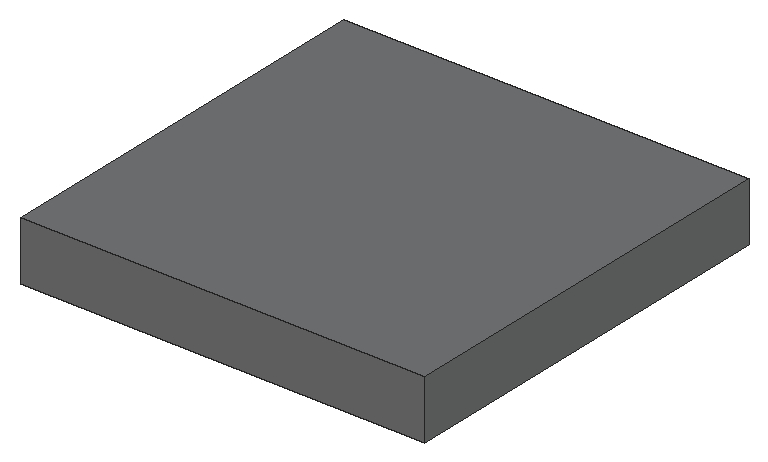
Revit family "Gira_536027", category Electrical Fixtures, host Face, Revit 2017
Family settings
  Host = Face
  Maintain Annotation Orientation = No
  Round Connector Dimension = Use Diameter
  Part Type = Normal
  Cut with Voids When Loaded = No
  Shared = No
  Room Calculation Point = No
Parameters (values of type "S3000 Bedienaufs. System 55 Reinweiß m")
  Werkstoffgüte = "sonstige"
  Werkstoff = "sonstige"
  URL = "http://katalog.gira.de/de_DE/datenblatt.html?artikelnr=536027"
  Transparent = "No"
  Region = "DE"
  RAL-Nummer (ähnlich) = "9010 "
  Oberfläche = "sonstige"
  Name = "S3000 Bedienaufs. System 55 Reinweiß m"
  Mit LED-Anzeige = "No"
  Mit Abdeckung = "Yes"
  Manufacturer URL = "https://www.gira.de/"
  Keynote = "Sys55_Abdeckung_Schalten und Tasten"
  HeinzeBIM = "https://bimportal.heinze.de/bim/s3000-bedienaufs-system-55-reinweiss-m/7739bf7415818375065389c45ca7a031b188df18"
  Halogenfrei = "Yes"
  HAN = "536027"
  Geeignet für Schalteinsatz = "No"
  Geeignet für Jalousieeinsatz = "Yes"
  Geeignet für Dimmeinsatz = "No"
  GTIN = "4010337027232"
  Farbe = "weiß"
  Default Elevation = 1219.2 mm
  Data sheet (1) = "https://katalog.gira.de/de_DE/download.html?artikelnr=536027"
  Category = "Bedienelement intelligent"
  Available = "Yes"
  Ausführung der Oberfläche = "matt"
  Anzahl der Tasten = "1 "
  Anzahl der Betätigungspunkte = "2 "
  Anwendung = "Steuern elektrischer Verbraucher"
  Anthrazit [instance] = Anthrazit
Reference planes
  plane 1 "Center (Front/Back)": y = 0
  plane 2: z = 0
  plane 3 "Center (Left/Right)": x = 0
Forms (mm)
  Extrusion 1, solid, material "Anthrazit" <- "Anthrazit", detail levels fine
    sketch origin (0, 0, 0) x (1, 0, 0) y (0, 1, 0)
      loop
        line (-27.5, 27.5) -> (-27.5, -27.5) -> (27.5, -27.5) -> (27.5, 27.5) -> (-27.5, 27.5)
    from 0 to 8
  Extrusion 2, void
    sketch origin (0, 0, 0) x (1, 0, 0) y (0, 1, 0)
      loop
        line (26, 26) -> (-26, 26) -> (-26, -26) -> (26, -26) -> (26, 26)
    from 0 to 6
  Extrusion 3, solid, material "Anthrazit" <- "Anthrazit", detail levels medium
    sketch origin (0, 0, 0) x (1, 0, 0) y (0, 1, 0)
      loop
        line (-27.5, 27.5) -> (-27.5, -27.5) -> (27.5, -27.5) -> (27.5, 27.5) -> (-27.5, 27.5)
    from 0 to 8
  Extrusion 4, solid, material "Anthrazit" <- "Anthrazit", detail levels medium
    sketch origin (0, 0, 0) x (1, 0, 0) y (0, 1, 0)
      loop
        line (11, -17.5) -> (11, 17.5) -> (-11, 17.5) -> (-11, -17.5) -> (11, -17.5)
    from -6 to 6
  Extrusion 5, solid, material "Anthrazit" <- "Anthrazit", detail levels fine
    sketch origin (0, 0, 0) x (1, 0, 0) y (0, 1, 0)
      loop
        line (11, 17.5) -> (-11, 17.5) -> (-11, 16.5) -> (11, 16.5) -> (11, 17.5)
      loop
        line (-11, -16.5) -> (-11, -17.5) -> (11, -17.5) -> (11, -16.5) -> (-11, -16.5)
    from -4 to 6
  Extrusion 6, solid, material "Anthrazit" <- "Anthrazit", detail levels fine
    sketch origin (0, 0, 0) x (1, 0, 0) y (0, 1, 0)
      loop
        arc (5, 9.347) -> (0, 10.6) -> (-5, 9.347) r 10.6
        line (-5, 9.347) -> (-5, -9.347)
        arc (-5, -9.347) -> (0, -10.6) -> (5, -9.347) r 10.6
        line (5, -9.347) -> (5, 9.347)
    from -6 to 6
  Extrusion 7, solid, material "Anthrazit" <- "Anthrazit", detail levels coarse
    sketch origin (0, 0, 0) x (1, 0, 0) y (0, 1, 0)
      loop
        line (-27.5, 27.5) -> (-27.5, -27.5) -> (27.5, -27.5) -> (27.5, 27.5) -> (-27.5, 27.5)
    from -6 to 8
Cuts and joins
  Extrusion 2 cuts Extrusion 1
Dimensions and locks
  aligned and locked: plane 2 to host face
  aligned and locked: level to host face
